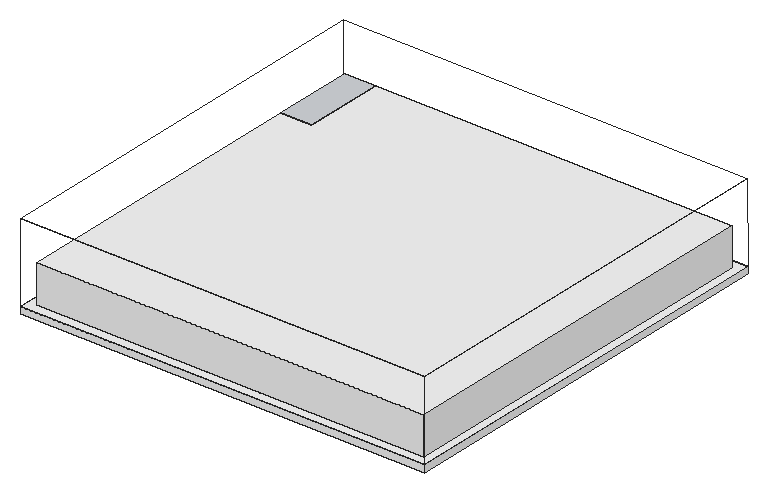
Revit family "Velios LED - Generic", category Lighting Fixtures, Revit 2014
Parameters (values of type "Velios LED 600x600 T/L")
  Wattage Comments = ""
  WarrantyGuarantorParts = "n/a"
  WarrantyDurationParts = "n/a"
  WarrantyDescription = "n/a"
  Visible [instance] = yes
  Version = "v.1.0"
  Uniclass2 = "Pr_70_70_49_43 Light-Emitting Diode (LED) Luminaires"
  Uniclass 1.4 = "JY73"
  URL = "http://riegens.com/velios-led"
  Type Mark = ""
  TotalWattage = "Max. 38W / 50W"
  TagNumber = "n/a"
  Switch ID [instance] = ""
  SustainabilityPerformance = "n/a"
  SupplyCircuitConductorConnections = "n/a"
  Size = "600 x 600 mm"
  Shape = "Square"
  ProductInformation = "http://riegens.com/velios-led"
  PhotometricPerformance = "In accordance with BS EN 13032-1"
  PhaseReference = "IEC recommendations"
  Panel [instance] = ""
  Optic = "Micro-prism lens"
  OmniClass Title = "Luminaries for Internal Lighting"
  OmniClass Number = "23.80.70.11"
  NominalVoltage = "220-240V"
  Moves With Nearby Elements [instance] = no
  ModelReference = "Velios LED 600x600 T/L"
  Model = "Velios LED 600x600 T/L"
  Material = "Steel and Acrylic (PMMA)"
  Mark [instance] = "1"
  ManufacturersSpecificInformation = "n/a"
  ManufacturerURL = "www.riegens.com"
  Manufacturer = "Riegens A/S"
  LuminaireType = "Recessed Direct LED Luminaire"
  LuminairePowerFactor = ">0,9"
  LightSource = "LED 4000K"
  LightFixturePlacingType = "Ceiling"
  LightFixtureMountingType = "Recessed"
  Light Source Definition (family) = "Line+HemiSpherical"
  LampType = "LED"
  LampRating = "34W / 35W / 45W"
  LampColourRenderingIndex = "Ra>80"
  Lamp = ""
  InternalFuse = "Only required in emergency versions"
  InsulationStandardClass = "Class 1"
  IfcExportType = "NOTDEFINED'"
  IfcExportAs = "IfcLightFixtureType'"
  IP_Code = "IP20"
  HasProtectiveEarth = "TRUE"
  Grade = "n/a"
  Glass Width = 70 mm
  Frame Width = 595 mm
  Frame Thickness = 10 mm
  Frame Depth = 595 mm
  Frame = Riegens_Steel_Powder coated white textured
  Finish = "Powder coated"
  Features = "n/a"
  Emit from Line Length = 595 mm
  Electrical Data [instance] = ""
  Documentation = "See URL hyperlink"
  DocumentReference = "See URL hyperlink"
  Description = "70-80-35 General Lighting Systems"
  ControlGearPosition = "Integrated "
  Constituents = "n/a"
  Comments [instance] = ""
  Colour = "White"
  built-in parameter 1114216 [instance] = (empty or 0)
  CodePerformance = "n/a"
  Clearance Zones Offset = 60 mm
  Clearance Zones = yes
  Circuit Number [instance] = ""
  Cassette Width = 570 mm
  Cassette Thickness = 56 mm
  Cassette Depth = 567 mm
  Cassette = Riegens_Steel_Powder coated white RAL901025
  built-in parameter 1140040 [instance] = (empty or 0)
  CCSTopnode = "L"
  CCSClassName = "Belysningsarmatur"
  CCSClassCode = "UAC"
  BarCode = "n/a"
  BallastsCELMAEnergyEfficiencyIndex = "Class A1/A2"
  BSAB 96 = "SNB.2"
  BIMObjectName = "Velios LED 600x600 T/L.rfa"
  Author = "3dbyggeri"
  AssetType = "Moveable/Fixed"
  AssetIdentifier = "n/a"
  Assembly Description = ""
  Assembly Code = ""
  ArticleNumber = "See URL hyperlink"
  Apparent Load = 240 VA
  AccessibilityPerformance = "n/a"
Types (4, lengths in mm): name | TotalWattage | Size | Shape | ModelReference | Model | LampRating | Frame Width | Frame Depth | Frame | Emit from Line Length | Cassette Width | Cassette Depth | BIMObjectName
  Velios LED 300x300 T/L | "Max. 15W" | "300 x 300 mm" | "Square" | "Velios LED 300x300 T/L" | "Velios LED 300x300 T/L" | "13W" | 295 | 295 | Riegens_Steel_Powder coated white RAL901025 | 295 | 270 | 283.7 | "Velios LED 300x300 T/L.rfa"
  Velios LED 1200x300 T/L | "Max. 50W" | "1200 x 300 mm" | "Rectangle" | "Velios LED 1200x300 T/L" | "Velios LED 1200x300 T/L" | "45W / 47W" | 295 | 1195 | Riegens_Steel_Powder coated white RAL901025 | 1167 | 270 | 1167 | "Velios LED 1200x300 T/L.rfa"
  Velios LED 600x600 T/L | "Max. 38W / 50W" | "600 x 600 mm" | "Square" | "Velios LED 600x600 T/L" | "Velios LED 600x600 T/L" | "34W / 35W / 45W" | 595 | 595 | Riegens_Steel_Powder coated white textured | 595 | 570 | 567 | "Velios LED 600x600 T/L.rfa"
  Velios LED 1250x312,5 | "Max. 50W" | "1250 x 312,5 mm" | "Rectangle" | "Velios LED 1250x312,5 T/L" | "Velios LED 1250x312,5 T/L" | "47W" | 307 | 1245 | Riegens_Steel_Powder coated white RAL901025 | 1245 | 270 | 1167 | "Velios LED 1250x312,5 T/L.rfa"
Reference planes
  plane 1 "Center (Front/Back)": y = 0
  plane 2: z = 0
  plane 3 "Center (Left/Right)": x = 0
Dimensions and locks
  aligned and locked: level to plane 2
Nested families
  nested 1: "Velios LED - Ceiling based-Dummy" at (0, 0, 0), type "Standard"
Definition of nested family "Velios LED - Ceiling based-Dummy"
  Parameters (values of type "Standard")
    Wattage = 45 W
    built-in parameter 1150110 = 1 (stored number, unit not read)
    built-in parameter 1114217 = 1 (stored number, unit not read)
    Tilt Angle = 90.00°
    built-in parameter 1150109 = 1 (stored number, unit not read)
    built-in parameter 1150134 = (empty or 0)
    built-in parameter 1150113 = 1 (stored number, unit not read)
    PhotometricPerformance = "In accordance with BS EN 13032-1"
    Photometric Web File = "Velios LED 600x600 TL 45W 4000K LensC.ies"
    Optic = "Micro-prism lens"
    Model = ""
    Material = "Steel and Acrylic (PMMA)"
    Manufacturer = ""
    Lumens = 4500 lm
    built-in parameter 1150115 = 1 (stored number, unit not read)
    built-in parameter 1150105 = 358.1 (stored number, unit not read)
    LightSource = "LED 4000K"
    built-in parameter 1150137 = (empty or 0)
    built-in parameter 1150139 = (empty or 0)
    LampColourRenderingIndex = "Ra>80"
    built-in parameter 1150112 = 1 (stored number, unit not read)
    built-in parameter 1150114 = 1 (stored number, unit not read)
    built-in parameter 1150132 = (empty or 0)
    built-in parameter 1150102 = (empty or 0)
    built-in parameter 1150138 = (empty or 0)
    built-in parameter 1150107 = 3000 (stored number, unit not read)
    built-in parameter 1150106 = 3.581 (stored number, unit not read)
    Glass Width = 70 mm
    Glass = Riegens_Glass_opal
    Frame Width = 595 mm
    Frame Thickness = 10 mm
    Frame Depth = 595 mm
    Frame = Riegens_Steel_Powder coated white RAL901025
    Finish = "Powder coated"
    built-in parameter 1150104 = 9.2903 (stored number, unit not read)
    Dimming Lamp Color Temperature Shift = (empty or 0)
    Description = ""
    Color Filter = 16777215
    Colour = "White"
    Clearance Zones Offset = 60 mm
    Clearance Zones = yes
    Cassette Width = 570 mm
    Cassette Thickness = 56 mm
    Cassette Depth = 567 mm
    Cassette = Riegens_Steel_Powder coated white RAL901025
    built-in parameter 1114218 = 1 (stored number, unit not read)
    built-in parameter 1150133 = 10 (stored number, unit not read)
    Apparent Load = 240 VA
  Reference planes
    plane 1 "Light Source Axis (F/B)": y = 0
    plane 2: z = 0
    plane 3 "Light Source Axis (L/R)": x = 0
    plane 4 "Ceiling": z = 0
    plane 5 "Light Source Elevation": z = -2
    plane 6: x = 297.5
    plane 7: y = -297.5
    plane 8: x = -297.5
    plane 9: y = 297.5
    plane 10: x = 285
    plane 11: x = -285
    plane 12: y = 283.5
    plane 13: y = -283.5
    plane 14: z = 10
    plane 15: z = 66
    plane 16: x = 43
    plane 17: x = 35
    plane 18: x = 52
    plane 19: x = -35
    plane 20: x = -43
    plane 21: x = -52
    plane 22: y = 282.5
    plane 23: y = -282.5
    plane 24: x = -375.948
    plane 25: x = -363.528
    plane 26: x = -350.448
    plane 27: y = -597.5
    plane 28: z = 126
  Forms (mm)
    Extrusion 1, solid, material "Riegens_Steel_Powder coated white RAL901025" <- "Frame"
      sketch origin (0, 0, 0) x (0, 1, 0) y (-1, 0, 0)
        loop
          line (297.5, 297.5) -> (-297.5, 297.5) -> (-297.5, -297.5) -> (297.5, -297.5) -> (297.5, 297.5)
        loop
          line (283.5, -43) -> (-283.5, -43) -> (-283.5, -285) -> (283.5, -285) -> (283.5, -43)
        loop
          line (283.5, 35) -> (-283.5, 35) -> (-283.5, -35) -> (283.5, -35) -> (283.5, 35)
        loop
          line (283.5, 285) -> (-283.5, 285) -> (-283.5, 43) -> (283.5, 43) -> (283.5, 285)
      from 0 to 10
    Extrusion 2, solid, material "Riegens_Steel_Powder coated white RAL901025" <- "Cassette"
      sketch origin (0, 0, 0) x (1, 0, 0) y (0, 0, 1)
        loop
          line (285, 10) -> (285, 66) -> (-285, 66) -> (-285, 10) -> (285, 10)
      from -283.5 to 283.5
    Extrusion 3, solid, material "Clearance Zones"
      sketch origin (0, 0, 0) x (0, 1, 0) y (-1, 0, 0)
        loop
          line (297.5, 297.5) -> (-297.5, 297.5) -> (-297.5, -297.5) -> (297.5, -297.5) -> (297.5, 297.5)
      from 10 to 126
    Extrusion 4, solid
      sketch origin (0, 0, 0) x (0, 1, 0) y (-1, 0, 0)
        loop
          line (283.5, 285) -> (165.766, 285) -> (165.766, 240) -> (283.5, 240) -> (283.5, 285)
      from 45.107 to 66
    Extrusion 5, solid, material "Riegens_Glass_opal"
      sketch origin (0, 0, 0) x (1, 0, 0) y (0, 0, 1)
        loop
          line (-285, 0) -> (-43, 8.049) -> (43, 8.049) -> (285, 0) -> (285, 1.951) -> (43, 10) -> (-43, 10) -> (-285, 1.951) -> (-285, 0)
      from -283.5 to 283.5
  Lines and regions (mm)
    Opening 1
      outline origin (0, 0, 0) x (1, 0, 0) y (0, 1, 0)
        loop
          line (-297.5, 297.5) -> (-297.5, -297.5) -> (297.5, -297.5) -> (297.5, 297.5) -> (-297.5, 297.5)
  Dimensions and locks
    equal spacing: host sketch curve, plane 3 "Light Source Axis (L/R)", host sketch curve
    equal spacing: host sketch curve, plane 1 "Light Source Axis (F/B)", host sketch curve
    host sketch curve to host sketch curve = 4000 mm  (x2)
    locked: plane 4 "Ceiling" to host ceiling at 0
    equal spacing: plane 8, plane 3 "Light Source Axis (L/R)", plane 6
    "Frame Width": plane 8 to plane 6
    "Frame Depth": plane 9 to plane 7
    equal spacing: plane 9, plane 1 "Light Source Axis (F/B)", plane 7
    "Cassette Depth": plane 13 to plane 12
    "Cassette Width": plane 11 to plane 10
    equal spacing: plane 11, plane 3 "Light Source Axis (L/R)", plane 10
    equal spacing: plane 13, plane 1 "Light Source Axis (F/B)", plane 12
    "Frame Thickness": plane 4 "Ceiling" to plane 14
    "Cassette Thickness": plane 14 to plane 15
    locked: plane 22 to plane 9 at 15
    locked: plane 7 to plane 23 at 15
    locked: plane 18 to plane 17 at 17
    locked: plane 19 to plane 21 at 17
    locked: plane 19 to plane 20 at 8
    locked: plane 16 to plane 17 at 8
    "Glass Width": plane 17 to plane 19
    equal spacing: plane 17, plane 3 "Light Source Axis (L/R)", plane 19
    locked: plane 5 "Light Source Elevation" to plane 4 "Ceiling" at 2
    "Clearance Zones Offset": plane 15 to plane 28
    aligned and locked: plane 5 "Light Source Elevation" to imposter light
    aligned and locked: Opening 1 sketch curve to plane 6
    aligned and locked: Opening 1 sketch curve to plane 9
    aligned and locked: Opening 1 sketch curve to plane 7
    aligned and locked: Opening 1 sketch curve to plane 8
    aligned and locked: Extrusion 1 sketch curve to plane 6
    aligned and locked: Extrusion 1 sketch curve to plane 8
    aligned and locked: Extrusion 1 sketch curve to plane 7
    aligned and locked: Extrusion 1 sketch curve to plane 9
    aligned and locked: plane 4 "Ceiling" to Extrusion 1
    aligned and locked: plane 14 to Extrusion 1
    aligned and locked: plane 14 to Extrusion 2 sketch curve
    aligned and locked: Extrusion 2 sketch curve to plane 11
    aligned and locked: plane 15 to Extrusion 2 sketch curve
    aligned and locked: Extrusion 2 sketch curve to plane 10
    aligned and locked: plane 12 to Extrusion 2
    aligned and locked: plane 13 to Extrusion 2
    aligned and locked: Extrusion 1 sketch curve to plane 11
    aligned and locked: Extrusion 1 sketch curve to plane 12  (x3)
    aligned and locked: Extrusion 1 sketch curve to plane 13  (x3)
    aligned and locked: Extrusion 1 sketch curve to plane 17
    aligned and locked: plane 19 to Extrusion 1 sketch curve
    aligned and locked: plane 16 to Extrusion 1 sketch curve
    aligned and locked: Extrusion 1 sketch curve to plane 20
    aligned and locked: Extrusion 1 sketch curve to plane 10
    aligned and locked: imposter light to plane 3 "Light Source Axis (L/R)"
    aligned and locked: imposter light to plane 1 "Light Source Axis (F/B)"
    aligned and locked: Extrusion 3 sketch curve to plane 6
    aligned and locked: Extrusion 3 sketch curve to plane 9
    aligned and locked: Extrusion 3 sketch curve to plane 8
    aligned and locked: Extrusion 3 sketch curve to plane 7
    aligned and locked: Extrusion 3 to plane 28
    aligned and locked: Extrusion 4 sketch curve to plane 11
    aligned and locked: Extrusion 4 sketch curve to plane 12
    aligned and locked: Extrusion 4 to plane 15
    aligned and locked: plane 12 to Extrusion 5
    aligned and locked: plane 13 to Extrusion 5
    aligned and locked: plane 11 to Extrusion 5
    aligned and locked: plane 10 to Extrusion 5
    aligned and locked: Extrusion 3 to plane 14
  Automatic sketch dimensions
    plane 22 to Extrusion 4 sketch curve = 116.734 mm
    Extrusion 4 sketch curve to plane 11 = 45 mm
    Extrusion 5 sketch curve to plane 4 "Ceiling" = 0 mm  (x2)
    plane 11 to Extrusion 5 sketch curve = 0 mm
    Extrusion 5 sketch curve to plane 14 = 0 mm
    Extrusion 5 sketch curve to plane 20 = 0 mm  (x2)
    Extrusion 5 sketch curve to plane 16 = 0 mm  (x2)
    Extrusion 5 sketch curve to plane 10 = 0 mm
    Extrusion 5 sketch curve to Extrusion 5 sketch curve = 1.951 mm  (x2)
    Extrusion 5 sketch curve to plane 14 = 1.951 mm
  Connectors
    electrical at (-262.5, 224.633, 66)
      settings: on Extrusion 4, index 1, voltage 0 V, apparent load 0 VA, apparent load phase1 0 VA, apparent load phase2 0 VA, apparent load phase3 0 VA, power factor 1, load classification "Other", number of poles 1, system type 31, power factor state 1, is connector primary yes, connector utility no, sub classification motor no, connector description ""
